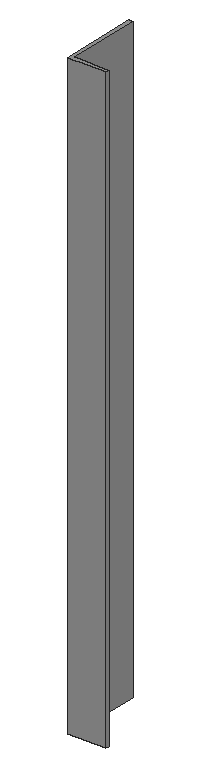
Revit family "Curved Walls L-Bend", category Generic Models, Revit 2016
Family settings
  Part Type = Normal
  Can host rebar = No
  Round Connector Dimension = Use Diameter
  Work Plane-Based = Yes
  Always vertical = No
  Cut with Voids When Loaded = No
  Shared = No
  Room Calculation Point = No
Parameters (values of type "5/8" Thk. x 12" A x 6" B")
  URL = "www.curvedwalls.ca"
  Manufacturer = "Curved Walls Inc"
  Length (8', 9' & 10' Standard) [instance] = 8' - 0"
  GWB Thickness (1/2" or 5/8") = 0' - 0 5/8"
  Description = "Prefabricated Drywall Profiles"
  Default Elevation = 0' - 0"
  Blocking Visible [instance] = no
  B (Min 2" Max A+B Dimension = 54") = 0' - 6"
  A (Min 2" Max A+B Dimension = 54") = 1' - 0"
Types (2): name | GWB Thickness (1/2" or 5/8") | B (Min 2" Max A+B Dimension = 54") | A (Min 2" Max A+B Dimension = 54")
  1/2" Thk. x 8" A x 8" B | 0' - 0 1/2" | 0' - 8" | 0' - 8"
  5/8" Thk. x 12" A x 6" B | 0' - 0 5/8" | 0' - 6" | 1' - 0"
Reference planes (in)
  plane 1 "Center (Front/Back)": y = 0
  plane 2: z = 0
  plane 3 "Center (Left/Right)": x = 0
  plane 4: x = -5.375
  plane 5: x = -6
  plane 6: y = -11.375
  plane 7: y = -12
  plane 8: z = 96
Forms (in)
  Extrusion 1, solid, material "Gypsum Wall Board - Curved Walls"
    sketch origin (0, 0, 0) x (1, 0, 0) y (0, 1, 0)
      loop
        line (-6, 0) -> (-6, -12) -> (0, -12) -> (0, -11.375) -> (-5.375, -11.375) -> (-5.375, 0) -> (-6, 0)
    from 0 to 96
Dimensions and locks (in)
  "Length (8', 9' & 10' Standard)": plane 8 to plane 2
  "GWB Thickness (1/2" or 5/8")": plane 7 to plane 6
  "GWB Thickness (1/2" or 5/8")": plane 5 to plane 4
  "B (Min 2" Max A+B Dimension = 54")": plane 5 to plane 3 "Center (Left/Right)"
  "A (Min 2" Max A+B Dimension = 54")": plane 7 to plane 1 "Center (Front/Back)"
  aligned and locked: plane 2 to level
  aligned and locked: Extrusion 1 sketch curve to plane 5
  aligned and locked: Extrusion 1 sketch curve to plane 4
  aligned and locked: Extrusion 1 sketch curve to plane 1 "Center (Front/Back)"
  aligned and locked: Extrusion 1 sketch curve to plane 6
  aligned and locked: Extrusion 1 sketch curve to plane 7
  aligned and locked: Extrusion 1 sketch curve to plane 3 "Center (Left/Right)"
  aligned and locked: Extrusion 1 to plane 8
  aligned and locked: nested 3 to plane 1 "Center (Front/Back)"
  aligned and locked: Extrusion 1 to nested 3
  aligned and locked: plane 5 to nested 1
  aligned and locked: nested 1 to plane 7
  aligned and locked: plane 3 "Center (Left/Right)" to nested 2
  aligned and locked: nested 2 to plane 6
Nested families (in)
  nested 1: "L-Bend Detail Component" at (0, 0, 0), type "1/2" Thick Drywall", detail levels fine
  nested 2: "M_Nominal Cut Lumber-Section" at (-1.5, -9.875, 0) x (0, -1, 0) z (0, 0, 1), visible <- "Blocking Visible", type "1.5" x 1.5""
  nested 3: "M_Nominal Cut Lumber-Section" at (-5.375, -1.5, 0), visible <- "Blocking Visible", type "1.5" x 1.5""
Definition of nested family "L-Bend Detail Component"
  Parameters (values of type "1/2" Thick Drywall")
    Drywall Thickness = 0' - 0 5/8"
    B (A+B Max 54") = 0' - 7"
    A (A+B Max 54") = 0' - 7"
  Reference planes (in)
    plane 1 "Center (Front/Back)": y = 0
    plane 2: z = 0
    plane 3 "Center (Left/Right)": x = 0
    plane 4: x = -6.375
    plane 5: y = -7
    plane 6: x = -7
    plane 7: y = -6.375
  Lines and regions (in)
    Filled region 1, type "Gypsum", in view "Ref. Level", detail levels fine
      outline origin (7, -1, 0) x (1, 0, 0) y (0, 1, 0)
        loop
          line (-14, 1) -> (-14, -6) -> (-7, -6) -> (-7, -5.375) -> (-13.375, -5.375) -> (-13.375, 1) -> (-14, 1)
  Dimensions and locks (in)
    "Drywall Thickness": plane 7 to plane 5
    "Drywall Thickness": plane 6 to plane 4
    "A (A+B Max 54")": plane 1 "Center (Front/Back)" to plane 5
    "B (A+B Max 54")": plane 6 to plane 3 "Center (Left/Right)"
    aligned and locked: Filled region 1 sketch curve to plane 5
    aligned and locked: Filled region 1 sketch curve to plane 6
    aligned and locked: plane 4 to Filled region 1 sketch curve
    aligned and locked: plane 7 to Filled region 1 sketch curve
    aligned and locked: plane 3 "Center (Left/Right)" to Filled region 1 sketch curve
    aligned and locked: Filled region 1 sketch curve to plane 1 "Center (Front/Back)"
Definition of nested family "M_Nominal Cut Lumber-Section"
  Parameters (values of type "1.5" x 1.5"")
    Width = 0' - 1 1/2"
    Depth = 0' - 1 1/2"
  Reference planes (in)
    plane 1 "Center (Front/Back)": y = 0
    plane 2: z = 0
    plane 3 "Center (Left/Right)": x = 0
    plane 4: y = 1.5
    plane 5: x = 1.5
  Lines and regions (in)
    Masking region 1, in view "Ground floor"
      outline origin (0, 0, 0) x (1, 0, 0) y (0, 1, 0)
        loop
          line (0, 1.5) -> (0, 0) -> (1.5, 0) -> (1.5, 1.5) -> (0, 1.5)
    detail lines, in view "Ground floor"
      curve 1: line (1.5, 1.5, 0) -> (0, 0, 0)
      curve 2: line (1.5, 0, 0) -> (0, 1.5, 0)
  Dimensions and locks (in)
    "Width": plane 3 "Center (Left/Right)" to plane 5
    "Depth": plane 4 to plane 1 "Center (Front/Back)"
    aligned and locked: Masking region 1 sketch curve to plane 1 "Center (Front/Back)"
    aligned and locked: plane 5 to Masking region 1 sketch curve
    aligned and locked: Masking region 1 sketch curve to plane 4
    aligned and locked: plane 3 "Center (Left/Right)" to Masking region 1 sketch curve
    aligned and locked: Masking region 1 to curve 1  (x2)
    aligned and locked: curve 2 to Masking region 1  (x2)
  Automatic sketch dimensions
    curve 2 to plane 1 "Center (Front/Back)" = 0' - 0"
    curve 1 to plane 1 "Center (Front/Back)" = 0' - 0"
    curve 2 to plane 4 = 0' - 0"
    curve 1 to plane 4 = 0' - 0"
